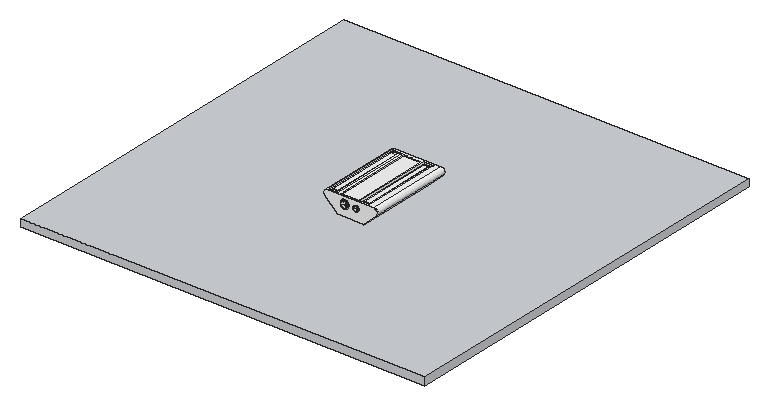
Revit family "05L", category Lighting Fixtures, host Face, Revit 2014
Parameters (values of type "PRXB/05L/LE")
  Wings = Paint - Hubbell - Light Silver
  Width = 314.00 mm
  Watts = 36 W
  Wattage Comments = "36W"
  Wattage = 36 W
  Warranty = "5 years Warranty"  # constant formula
  built-in parameter 1150110 = 1 (stored number, unit not read)
  Voltage = 120 V
  URL = "https://www.hubbell.com/chalmit/en"
  built-in parameter 1114217 = 1 (stored number, unit not read)
  Tilt Angle = 90.00°
  built-in parameter 1150109 = 1 (stored number, unit not read)
  built-in parameter 1150134 = 3
  built-in parameter 1150113 = 1 (stored number, unit not read)
  Reflector Finish = Hubbell - White Glass
  Product Link = "https://www.hubbell.com/chalmit/en/Products/Lighting-Controls/Harsh-Hazardous-Lighting/Linear-Lighting/Protecta-X-LED/p/3605851"
  Product Documentation Link = "https://hubbellcdn.com/specsheet/PROTECTAX_Z1_V6.pdf"
  Power Factor = 1
  Photometric Web File = "PRXB_05L_LE.ies"
  Pendent Height [instance] = 304.80 mm
  Model = "PRXB/05L/LE"
  Manufacturer = "Chalmit"  # constant formula
  built-in parameter 1150105 = 275.02 (stored number, unit not read)
  Lumens = 3456 lm
  built-in parameter 1150115 = 1 (stored number, unit not read)
  Load Classification = Lighting
  built-in parameter 1150137 = (empty or 0)
  built-in parameter 1150139 = (empty or 0)
  Length = 504.00 mm
  built-in parameter 1150112 = 1 (stored number, unit not read)
  built-in parameter 1150114 = 1 (stored number, unit not read)
  Lamp = "LED"  # constant formula
  built-in parameter 1150132 = (empty or 0)
  built-in parameter 1150102 = (empty or 0)
  built-in parameter 1150107 = 3200 (stored number, unit not read)
  built-in parameter 1150138 = (empty or 0)
  built-in parameter 1150106 = 2.7502 (stored number, unit not read)
  Housing Material = Paint - Hubbell - Matte White
  Fixture distribution = "Direct"  # constant formula
  Features = "120,000-hour maintenance free lifespan at 25 degC\r\n> 90,000 maintenance free hours at 60 degC\r\nThe lumen output of a 4ft linear in a lightweight and slimline package using specialised optics\r\nA targeted bright, white output with minimal spill light\r\nMarket-leading efficacy of = 135 lm/W\r\nUp to 50% energy savings vs traditional fluorescent fixtures\r\nMultiple beam distributions available"  # constant formula
  Emit from Rectangle Width = Length  # 504.00 mm
  Emit from Rectangle Length = Width  # 314.00 mm
  Emit Shape Visible in Rendering = no
  built-in parameter 1150104 = 8.9187 (stored number, unit not read)
  Drum-Height = 609.60 mm
  Dimming Lamp Color Temperature Shift = <None>
  Description = "The next generation in LED linear luminaires, the Protecta X’s\r\nrevolutionary design puts LED at the centre to provide the\r\nperformance of a 4ft linear in a lightweight and slimline package.\r\nWith a robust enclosure and excellent IP, the Protecta X is suitable\r\nfor use in the world’s most arduous environments. Expected useful\r\nlife to 70% of the initial lumens (L70) is >200,000 hours at 25°C,\r\nwith an incredible 90,000 maintenance free hours at 60°C. For a\r\nluminaire with the longest life, the highest output and marketleading efficacy, choose the Protecta X"  # constant formula
  Default Elevation = 1219.20 mm
  Copyright = " ©2020 Chalmit, a division of Hubbell Lighting, Inc"  # constant formula
  Contact = "https://www.hubbell.com/chalmit/en/contactUs"
  Connector Description = "Lighting Connector"  # constant formula
  Color Filter = 16777215
  built-in parameter 1114218 = 1 (stored number, unit not read)
  built-in parameter 1150133 = 10 (stored number, unit not read)
  Assembly Code = "D5020200"
  Apparent Load = Watts / Power Factor  # 36 VA
Types (3, lengths in mm): name | Photometric Web File | Model
  (no name) | "PRXB_05L_LE.ies" | "PRXB/05L/LE"
  PRXB/05L/LE | "PRXB_05L_LE.ies" | "PRXB/05L/LE"
  PRXB/05L/LE/EM | "PRXB_05L_LE_EM.ies" | "PRXB/05L/LE/EM"
Reference planes
  plane 1 "Center (Front/Back)": y = 0
  plane 2: z = 14.125
  plane 3 "Center (Left/Right)": x = 0
  plane 4: z = 107.625
  plane 5: y = -252
  plane 6: y = 252
  plane 7: x = 157
  plane 8: x = -157
  plane 9: y = 258
  plane 10: y = -258
Forms (mm)
  Extrusion 1, solid
    sketch origin (0, 0, 0) x (1, 0, 0) y (0, 1, 0)
      loop
        line (-1219.2, 1219.2) -> (-1219.2, -1219.2) -> (1219.2, -1219.2) -> (1219.2, 1219.2) -> (-1219.2, 1219.2)
    from 14.125 to -31.75
  Extrusion 2, solid, material "Paint - Hubbell - Matte White" <- "Housing Material"
    sketch origin (2.011, 0, 136.607) x (-1, 0, 0) y (0, 0, -1)
      loop
        arc (143.035, 14.125) -> (161.513, 26.471) -> (157.177, 48.267) r 20
        line (157.177, 48.267) -> (82.962, 122.482) -> (2.011, 122.482) -> (-78.94, 122.482) -> (-153.155, 48.267)
        arc (-153.155, 48.267) -> (-157.491, 26.471) -> (-139.013, 14.125) r 20
        line (-139.013, 14.125) -> (143.035, 14.125)
    from -252 to 252
  Revolve 3, solid, material "Paint - Hubbell - Matte White" <- "Housing Material"
    sketch origin (-37.321, 22.5, 82.443) x (0, 1, 0) y (-1, 0, 0)
      loop
        line (235.5, -0.058) -> (235.5, 16.647) -> (233.214, 16.647) -> (233.214, 20.059) -> (231.594, 20.059) -> (231.594, 23.91) -> (229.5, 23.91) -> (229.5, -0.058) -> (235.5, -0.058)
      axis (235.5, -0.058) -> (229.5, -0.058)
    angle from 0 to 360
  Revolve 4, solid, material "Paint - Hubbell - Matte White" <- "Housing Material"
    sketch origin (-37.321, -22.5, 82.443) x (0, 1, 0) y (-1, 0, 0)
      loop
        line (-235.5, -0.058) -> (-229.5, -0.058) -> (-229.5, 23.91) -> (-231.594, 23.91) -> (-231.594, 20.059) -> (-233.214, 20.059) -> (-233.214, 16.647) -> (-235.5, 16.647) -> (-235.5, -0.058)
      axis (-235.5, -0.058) -> (-229.5, -0.058)
    angle from 0 to 360
  Revolve 5, solid, material "Paint - Hubbell - Matte White" <- "Housing Material"
    sketch origin (32.06, -22.5, 82.443) x (0, 1, 0) y (-1, 0, 0)
      loop
        line (-235.5, -0.058) -> (-229.5, -0.058) -> (-229.5, 16.097) -> (-233.214, 16.097) -> (-233.214, 11.335) -> (-235.5, 11.335) -> (-235.5, -0.058)
      axis (-235.5, -0.058) -> (-229.5, -0.058)
    angle from 0 to 360
  Revolve 6, solid, material "Paint - Hubbell - Matte White" <- "Housing Material"
    sketch origin (32.06, 22.5, 82.443) x (0, 1, 0) y (-1, 0, 0)
      loop
        line (235.5, -0.058) -> (235.5, 11.335) -> (233.214, 11.335) -> (233.214, 16.097) -> (229.5, 16.097) -> (229.5, -0.058) -> (235.5, -0.058)
      axis (235.5, -0.058) -> (229.5, -0.058)
    angle from 0 to 360
  Extrusion 7, void
    sketch origin (2.011, 0, 101.607) x (0, 1, 0) y (-1, 0, 0)
      loop
        line (-241.675, -34.85) -> (238.325, -34.85) -> (238.325, 73.65) -> (-241.675, 73.65) -> (-241.675, -34.85)
      loop
        line (-241.675, -104.85) -> (238.325, -104.85) -> (238.325, -44.85) -> (-241.675, -44.85) -> (-241.675, -104.85)
      loop
        line (-241.675, 88.65) -> (238.325, 88.65) -> (238.325, 148.65) -> (-241.675, 148.65) -> (-241.675, 88.65)
    from 14.125 to 21.723
  Extrusion 8, solid, material "Hubbell - White Glass" <- "Reflector Finish"
    sketch origin (2.011, 0, 101.607) x (0, 1, 0) y (-1, 0, 0)
      loop
        line (-226.675, 103.65) -> (223.325, 103.65) -> (223.325, 133.65) -> (-226.675, 133.65) -> (-226.675, 103.65)
      loop
        line (-226.675, -89.85) -> (223.325, -89.85) -> (223.325, -59.85) -> (-226.675, -59.85) -> (-226.675, -89.85)
    from 14.125 to 16.11
Cuts and joins
  Extrusion 7 cuts Extrusion 2
Dimensions and locks
  "Width": plane 8 to plane 7
  "Length": plane 5 to plane 6
  equal spacing: plane 5, plane 1 "Center (Front/Back)", plane 6
  equal spacing: plane 8, plane 3 "Center (Left/Right)", plane 7
  plane 2 to plane 4 = 93.50 mm
  equal spacing: plane 7, plane 3 "Center (Left/Right)", plane 8
  plane 7 to plane 8 = 314.00 mm
  aligned and locked: plane 2 to Extrusion 1
  aligned and locked: imposter light to plane 1 "Center (Front/Back)"
  aligned and locked: Extrusion 2 to plane 6
  aligned and locked: plane 5 to Extrusion 2
Automatic sketch dimensions
  Extrusion 1 sketch curve to Extrusion 1 sketch curve = 2438.40 mm  (x2)
  plane 6 to Revolve 3 sketch curve = 0.00 mm
  plane 9 to Revolve 3 sketch curve = 0.00 mm
  Revolve 3 sketch curve to plane 6 = 2.094 mm
  Revolve 3 sketch curve to Revolve 3 sketch curve = 1.62 mm
  plane 8 to Revolve 3 sketch curve = 119.737 mm  (x2)
  Revolve 3 sketch curve to Revolve 3 sketch curve = 16.705 mm
  Revolve 3 sketch curve to Revolve 3 sketch curve = 3.412 mm
  Revolve 3 sketch curve to Revolve 3 sketch curve = 3.851 mm
  plane 6 to Revolve 3 sketch curve = 97.787 mm
  Revolve 3 sketch curve to plane 9 = 91.213 mm
  plane 10 to Revolve 4 sketch curve = 0.00 mm
  plane 5 to Revolve 4 sketch curve = 0.00 mm
  Revolve 4 sketch curve to plane 10 = 2.286 mm
  Revolve 4 sketch curve to Revolve 4 sketch curve = 2.094 mm
  plane 8 to Revolve 4 sketch curve = 119.737 mm  (x2)
  Revolve 4 sketch curve to Revolve 4 sketch curve = 16.705 mm
  Revolve 4 sketch curve to Revolve 4 sketch curve = 3.412 mm
  Revolve 4 sketch curve to Revolve 4 sketch curve = 3.851 mm
  Revolve 4 sketch curve to Revolve 4 sketch curve = 91.213 mm
  Revolve 4 sketch curve to plane 5 = 97.787 mm
  plane 10 to Revolve 5 sketch curve = 0.00 mm
  plane 5 to Revolve 5 sketch curve = 0.00 mm
  Revolve 5 sketch curve to plane 10 = 2.286 mm
  plane 8 to Revolve 5 sketch curve = 189.117 mm  (x2)
  Revolve 5 sketch curve to Revolve 5 sketch curve = 11.392 mm
  Revolve 5 sketch curve to Revolve 5 sketch curve = 4.763 mm
  Revolve 5 sketch curve to Revolve 5 sketch curve = 91.213 mm
  Revolve 5 sketch curve to plane 5 = 97.787 mm
  plane 6 to Revolve 6 sketch curve = 0.00 mm
  plane 9 to Revolve 6 sketch curve = 0.00 mm
  Revolve 6 sketch curve to Revolve 6 sketch curve = 2.286 mm
  plane 8 to Revolve 6 sketch curve = 189.117 mm  (x2)
  Revolve 6 sketch curve to Revolve 6 sketch curve = 11.392 mm
  Revolve 6 sketch curve to Revolve 6 sketch curve = 4.763 mm
  Revolve 6 sketch curve to Revolve 6 sketch curve = 97.787 mm
  Revolve 6 sketch curve to plane 9 = 91.213 mm
  Extrusion 7 sketch curve to plane 5 = 10.325 mm  (x2)
  Extrusion 7 sketch curve to Extrusion 7 sketch curve = 0.00 mm
  plane 6 to Extrusion 7 sketch curve = 13.675 mm  (x3)
  plane 3 "Center (Left/Right)" to Extrusion 7 sketch curve = 106.861 mm
  plane 3 "Center (Left/Right)" to Extrusion 7 sketch curve = 46.861 mm
  Extrusion 7 sketch curve to Extrusion 7 sketch curve = 10.00 mm
  plane 8 to Extrusion 7 sketch curve = 85.361 mm
  plane 8 to Extrusion 7 sketch curve = 70.361 mm
  plane 8 to Extrusion 7 sketch curve = 10.361 mm
  plane 8 to Extrusion 8 sketch curve = 55.361 mm
  Extrusion 8 sketch curve to plane 5 = 25.325 mm  (x2)
  plane 3 "Center (Left/Right)" to Extrusion 8 sketch curve = 61.861 mm
  plane 6 to Extrusion 8 sketch curve = 28.675 mm  (x2)
  Extrusion 8 sketch curve to Extrusion 8 sketch curve = 30.00 mm  (x2)
  Extrusion 2 sketch curve to plane 2 = 0.00 mm
  Extrusion 2 sketch curve to plane 3 "Center (Left/Right)" = 0.00 mm
  Extrusion 2 sketch curve to plane 7 = 76.049 mm
  Extrusion 2 sketch curve to plane 4 = 5.143 mm  (x2)
  Extrusion 2 sketch curve to plane 7 = 15.976 mm
  Extrusion 2 sketch curve to plane 7 = 1.834 mm
  plane 8 to Extrusion 2 sketch curve = 76.049 mm
  plane 8 to Extrusion 2 sketch curve = 15.976 mm
  plane 8 to Extrusion 2 sketch curve = 1.834 mm
  plane 4 to Extrusion 2 sketch curve = 14.857 mm
Connectors
  electrical at (-20.491, 0, 122.482), driven by "Voltage", driven by "Apparent Load", driven by "Power Factor", driven by "Connector Description"
    settings: on cut or joined group of Extrusion 2, Extrusion 7, index 1, voltage 120 V, apparent load 36 VA, apparent load phase1 0 VA, apparent load phase2 0 VA, apparent load phase3 0 VA, power factor 1, load classification "Other", number of poles 1, system type 30, power factor state 1, is connector primary yes, connector utility no, sub classification motor no, connector description "Lighting Connector"
